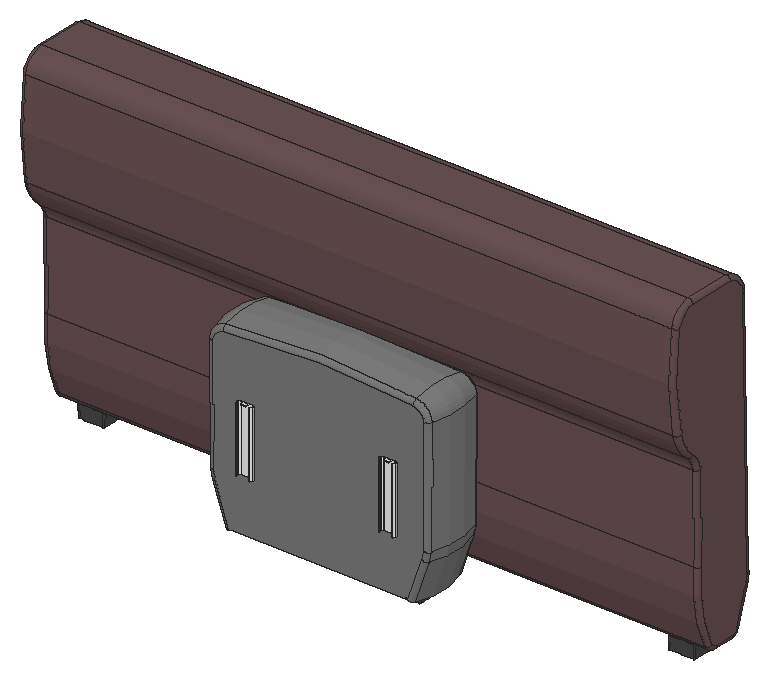
Revit family "Chair-Soft_Seating-Allermuir-Haven_Bench-HABB200W", category Furniture, Revit 2012
Parameters (values of type "HABB200W")
  ecoScorecard_data = "http://thesenatorgroup.ecoscorecard.com/product/HAB100"
  ecoScorecard Product Page = "http://products.ecoscorecard.com/allermuir/HAB100?action=html"
  Width = 1' - 9 13/32"
  Weight = 15.0 lbf
  Upholstered Seat = "No"
  Upholstered Back = "No"
  URL = "http://www.allermuir.net/Default.aspx"
  Subcategory = "Soft Seating"  # constant formula
  Stand = Plastic - Allermuir - Black
  Stacks = no
  Specifications URL = ""
  Seat = Fabric - Allermuir - Silcoates
  Product Page URL = "http://www.allermuir.net/Products.aspx?RangeId=495"
  Product Line = "Haven Bench"  # constant formula
  Pricing URL = ""
  Plugin Data URL = "http://products.ecoscorecard.com/thesenatorgroup/HABB200W"
  Plastic Arms in Black = "No"
  Model = "HABB200W"  # constant formula
  Manufacturer Phone - Toll Free = "(888) 887 5806"  # constant formula
  Manufacturer Phone = "(419) 887 5806"  # constant formula
  Manufacturer Fax = "(419) 887 5805"  # constant formula
  Manufacturer Email = "mailto:contact@allermuir-na.com"
  Manufacturer Address = "1630 Holland Road, Maumee, Ohio 43537 "  # constant formula
  Manufacturer = "Allermuir"  # constant formula
  Side Stand = Metal - Allermuir - Chrome - Polished
  LEED Stats URL = ""
  Height = 1' - 6.35742"
  Fabric Spec Sheets = "http://www.allermuir.net/Services/File.ashx?Type=B&Id=51"
  Description = ""
  Depth = 0' - 5 29/32"
  Color Availability = "See price list for material options"  # constant formula
  CAD Blocks URL = ""
  Brochure URL = ""
  Back Rest = Fabric - Allermuir - Upholstery - Velvet - Red 1
  Assembly Code = "E2020200"
  95 CSI = "12510"  # constant formula
  04 CSI = "12 51 00"  # constant formula
Reference planes (in)
  plane 1 "Center Front/Back": y = 0
  plane 2: z = 0
  plane 3 "Center Left/Right": x = 0
  plane 4: y = 4.62531
  plane 5: z = 30.71875
  plane 6: x = -29.42826
  plane 7: x = 29.42826
Dimensions and locks (in)
  plane 5 to level = 2' - 6 23/32"  (x2)
  equal spacing: plane 6, plane 3 "Center Left/Right", plane 7
  locked: plane 6 to plane 7 at 58.85651
  plane 6 to plane 7 = 4' - 10.85651"
  aligned and locked: plane 3 "Center Left/Right" to nested 1
  aligned and locked: nested 1 to plane 4
  aligned and locked: nested 2 to plane 3 "Center Left/Right"
Nested families (in)
  nested 1: "Back-Rest-HABB200W" at (0, -9.12469, 0), type "HABB200W"
  nested 2: "HABB200W" at (0, -24.98214, 0) x (0, -1, 0) z (0, 0, 1), type "HABB200W"
Definition of nested family "Back-Rest-HABB200W"
  Parameters (values of type "HABB200W")
    URL = ""
    Stand = Plastic - Allermuir - Black
    Model = ""
    Manufacturer = ""
    Description = ""
    Back Rest = Fabric - Allermuir - Upholstery - Velvet - Red 1
    Assembly Code = ""
  Reference planes (in)
    plane 1 "Center Front/Back": y = 0
    plane 2: z = 0
    plane 3 "Center Left/Right": x = 0
    plane 4: z = 30.71697
    plane 5: x = 28.60293
    plane 6: x = -26.91867
    plane 7: y = 13.75
    plane 8: y = -13.25
  Forms (in)
    Sweep 1, solid, material "Fabric - Allermuir - Upholstery - Velvet - Red 1" <- "Back Rest"
      path origin (0, 0, 0) x (0, 1, 0) y (0, 0, 1)
        loop
          arc (11.33016, 30.59137) -> (9.20312, 30.68903) -> (7.07548, 30.60558) r 25.03281
          arc (7.07548, 30.60558) -> (5.89767, 30.09597) -> (5.27204, 28.97547) r 2
          arc (5.27204, 28.97547) -> (4.91656, 24.60313) -> (5.44985, 20.24889) r 21.64753
          arc (5.44985, 20.24889) -> (5.98205, 18.93261) -> (6.90316, 17.85214) r 4.43222
          arc (6.90316, 17.85214) -> (7.3712, 17.27279) -> (7.59481, 16.56236) r 2
          arc (7.59481, 16.56236) -> (7.85389, 12.64845) -> (7.70877, 8.72866) r 38.06164
          arc (7.70877, 8.72866) -> (7.86337, 5.18083) -> (8.93913, 1.79648) r 13.47991
          arc (8.93913, 1.79648) -> (9.26793, 1.40486) -> (9.74735, 1.22698) r 1
          arc (9.74735, 1.22698) -> (10.66413, 1.18145) -> (11.58112, 1.22239) r 9.7438
          arc (11.58112, 1.22239) -> (12.08489, 1.41474) -> (12.41553, 1.84072) r 1
          arc (12.41553, 1.84072) -> (13.01913, 3.50203) -> (13.49291, 5.2049) r 22.92127
          arc (13.49291, 5.2049) -> (13.56512, 5.5946) -> (13.59842, 5.98952) r 4
          arc (13.59842, 5.98952) -> (13.68246, 17.37453) -> (13.14805, 28.7473) r 209.55742
          arc (13.14805, 28.7473) -> (12.57783, 30.00325) -> (11.33016, 30.59137) r 2
      profile origin (0, 9.20312, 30.68903) x (0, -0.003339, -0.999994) y (1, 0, 0)
        loop
          arc (-0.01686, -29.01545) -> (0.10382, -29.30678) -> (0.39515, -29.42745) r 0.412
          line (0.39515, -29.42745) -> (0.5, -29.42745) -> (0.5, 29.42745) -> (0.3933, 29.42745)
          arc (0.3933, 29.42745) -> (0.10328, 29.30732) -> (-0.01686, 29.01729) r 0.41016
          line (-0.01686, 29.01729) -> (-0.01686, -29.01545)
    Extrusion 2, solid, material "Fabric - Allermuir - Upholstery - Velvet - Red 1" <- "Back Rest"
      sketch origin (29.42745, 9.11954, 5.65637) x (0, 0.088309, 0.996093) y (0, -0.996093, 0.088309)
        loop
          arc (22.8412, 5.39397) -> (18.55587, 5.36268) -> (14.36483, 4.46811) r 21.14753
          arc (14.36483, 4.46811) -> (13.24329, 3.89466) -> (12.36063, 2.99601) r 3.93222
          arc (12.36063, 2.99601) -> (11.69093, 2.34929) -> (10.83105, 1.99245) r 2.5
          arc (10.83105, 1.99245) -> (6.90439, 1.38082) -> (2.93564, 1.17657) r 38.56164
          arc (2.93564, 1.17657) -> (-0.4541, 0.72659) -> (-3.60871, -0.59299) r 12.97991
          arc (-3.60871, -0.59299) -> (-3.78924, -0.77404) -> (-3.85666, -1.02067) r 0.5
          arc (-3.85666, -1.02067) -> (-3.82288, -1.89082) -> (-3.70736, -2.75393) r 9.2438
          arc (-3.70736, -2.75393) -> (-3.58932, -2.99634) -> (-3.36256, -3.14221) r 0.5
          arc (-3.36256, -3.14221) -> (-1.69171, -3.58682) -> (0.00844, -3.90136) r 22.42127
          arc (0.00844, -3.90136) -> (0.35367, -3.93419) -> (0.70046, -3.93269) r 3.5
          arc (0.70046, -3.93269) -> (12.02133, -3.0132) -> (23.27556, -1.48023) r 209.05742
          arc (23.27556, -1.48023) -> (24.17607, -0.97105) -> (24.53281, 0) r 1.5
          arc (24.53281, 0) -> (24.44406, 2.08486) -> (24.17845, 4.15464) r 24.53281
          arc (24.17845, 4.15464) -> (23.71973, 5.00079) -> (22.8412, 5.39397) r 1.5
      from -58.8549 to 0
  Cuts and joins
    joined: Sweep 1, Extrusion 2
  Lines and regions (in)
    symbolic lines, style "Sofa"
      curve 1: line (-29.02969, 4.89613, 0) -> (29.021, 4.89613, 0)
      curve 2: line (-29.4281, 5.29454, 0) -> (-29.4281, 13.3168, 0)
      curve 3: line (-29.00271, 13.74219, 0) -> (29.01308, 13.74219, 0)
      curve 4: line (29.42855, 5.30369, 0) -> (29.42855, 13.32671, 0)
      curve 5: arc (-29.4281, 13.3168, 0) -> (-29.30351, 13.6176, 0) -> (-29.00271, 13.74219, 0) r 0.42538
      curve 6: arc (-29.4281, 5.29454, 0) -> (-29.31141, 5.01282, 0) -> (-29.02969, 4.89613, 0) r 0.39841
      curve 7: arc (29.021, 4.89613, 0) -> (29.30918, 5.0155, 0) -> (29.42855, 5.30369, 0) r 0.40756
      curve 8: arc (29.42855, 13.32671, 0) -> (29.30686, 13.6205, 0) -> (29.01308, 13.74219, 0) r 0.41548
  Dimensions and locks (in)
    plane 4 to level = 2' - 6.71698"
    plane 6 to plane 5 = 4' - 7.5216"
    plane 8 to plane 7 = 2' - 3"
  Nested families (in)
    nested 1: "Leg" at (-26.56153, 10.73579, 0), type "HABB200W"
    nested 2: "Leg" at (0, 10.69553, 0), type "HABB200W"
    nested 3: "Leg" at (26.50507, 10.70338, 0), type "HABB200W"
  Definition of nested family "Leg"
    Parameters (values of type "HABB200W")
      URL = ""
      Stand = Plastic - Allermuir - Black
      Stacks = no
      Model = ""
      Manufacturer = ""
      Description = ""
      Assembly Code = "E2020200"
    Reference planes (in)
      plane 1 "Center Front/Back": y = 0
      plane 2: z = 0
      plane 3 "Center Left/Right": x = 0
      plane 4: z = 1.1811
      plane 5: through (1.68179, 60.03512, 48) normal (1, -0.0075, 0)
      plane 6: through (-60.04651, 1.66009, 48) normal (0.0075, 1, 0)
      plane 7: through (-0.75471, 60.03512, 48) normal (1, -0.0075, 0)
      plane 8: through (-60.04651, -0.77642, 48) normal (0.0075, 1, 0)
    Forms (in)
      Blend 1, solid, material "Plastic - Allermuir - Black" <- "Stand"
        base sketch origin (0, 0, 0) x (1, 0, 0) y (0, 1, 0)
          loop
            arc (-1.05046, 1.17679) -> (-1.12804, 1.14534) -> (-1.16066, 1.06825) r 0.10938
            line (-1.16066, 1.06825) -> (-1.17679, -1.07224)
            arc (-1.17679, -1.07224) -> (-1.14534, -1.14982) -> (-1.06824, -1.18244) r 0.10938
            line (-1.06824, -1.18244) -> (1.07224, -1.19857)
            arc (1.07224, -1.19857) -> (1.14982, -1.16712) -> (1.18244, -1.09003) r 0.10938
            line (1.18244, -1.09003) -> (1.19857, 1.05046)
            arc (1.19857, 1.05046) -> (1.16712, 1.12804) -> (1.09003, 1.16066) r 0.10938
            line (1.09003, 1.16066) -> (-1.05046, 1.17679)
        top sketch origin (0, 0, 0) x (1, 0, 0) y (0, 1, 0)
          loop
            arc (1.23744, 1.08874) -> (1.20599, 1.16632) -> (1.12889, 1.19894) r 0.10938
            line (1.12889, 1.19894) -> (-1.08874, 1.21566)
            arc (-1.08874, 1.21566) -> (-1.16632, 1.18421) -> (-1.19894, 1.10711) r 0.10938
            line (-1.19894, 1.10711) -> (-1.21566, -1.11052)
            arc (-1.21566, -1.11052) -> (-1.1842, -1.1881) -> (-1.10711, -1.22072) r 0.10938
            line (-1.10711, -1.22072) -> (1.11052, -1.23744)
            arc (1.11052, -1.23744) -> (1.1881, -1.20599) -> (1.22072, -1.12889) r 0.10938
            line (1.22072, -1.12889) -> (1.23744, 1.08874)
        from 0 to 1.1811
    Dimensions and locks (in)
      locked: plane 7 to plane 5 at 2.43644
      locked: plane 6 to plane 8 at 2.43645
      locked: plane 4 to level at 1.1811
Definition of nested family "HABB200W"
  Parameters (values of type "HABB200W")
    URL = ""
    Stand = Plastic - Allermuir - Black
    Stacks = no
    Seat = Fabric - Allermuir - Silcoates
    Model = ""
    Manufacturer = "Allermuir"  # constant formula
    Side Stand = Metal - Allermuir - Chrome - Polished
    Description = ""
    Color Availability = "See price list for material options"  # constant formula
    Assembly Code = "E2020200"
  Reference planes (in)
    plane 1 "Center Front/Back": y = 0
    plane 2: z = 0
    plane 3 "Center Left/Right": x = 0
    plane 4: y = 10.69473
    plane 5: through (-23.37737, 59.99921, 48) normal (1, -0.0046, 0)
    plane 6: y = -10.69473
    plane 7: through (23.37737, 59.99921, 48) normal (1, 0.0046, 0)
    plane 8: z = 18.35938
  Forms (in)
    Sweep 1, solid, material "Fabric - Allermuir - Silcoates" <- "Seat"
      path origin (0, 0, 0) x (0, 1, 0) y (0, 0, 1)
        loop
          arc (8.87461, 0.96094) -> (9.53566, 2.78289) -> (10.13399, 4.6264) r 56.64354
          arc (10.13399, 4.6264) -> (10.25253, 5.09355) -> (10.32555, 5.56994) r 5
          arc (10.32555, 5.56994) -> (10.61327, 10.83959) -> (10.38059, 16.11195) r 53.52058
          arc (10.38059, 16.11195) -> (9.81768, 17.32528) -> (8.61591, 17.91249) r 2
          arc (8.61591, 17.91249) -> (-0.00186, 18.3998) -> (-8.61907, 17.90269) r 75.68169
          arc (-8.61907, 17.90269) -> (-9.8195, 17.31479) -> (-10.38152, 16.10203) r 2
          arc (-10.38152, 16.10203) -> (-10.61324, 10.83461) -> (-10.32555, 5.56994) r 53.52058
          arc (-10.32555, 5.56994) -> (-10.25253, 5.09355) -> (-10.13399, 4.6264) r 5
          arc (-10.13399, 4.6264) -> (-9.53566, 2.78289) -> (-8.87461, 0.96094) r 56.64354
      profile origin (0, -0.00186, 18.3998) x (0, 0.000569, -1) y (1, 0, 0)
        loop
          arc (0.44154, -23.03232) -> (0.62306, -23.28316) -> (0.91746, -23.37902) r 0.5
          line (0.91746, -23.37902) -> (1.09094, -23.37902) -> (1.09094, -17.72107) -> (0.89741, -17.72107)
          arc (0.89741, -17.72107) -> (0.60126, -17.81821) -> (0.42018, -18.07187) r 0.5
          arc (0.42018, -18.07187) -> (0.04674, -20.55375) -> (0.44154, -23.03232) r 8.19934
    Extrusion 2, solid, material "Fabric - Allermuir - Silcoates" <- "Seat"
      sketch origin (0, 0, 0) x (0, 1, 0) y (0, 0, 1)
        loop
          arc (-8.49423, 16.81891) -> (-9.03986, 16.5517) -> (-9.29532, 16.00046) r 0.90906
          arc (-9.29532, 16.00046) -> (-9.52231, 10.84041) -> (-9.24049, 5.68305) r 52.42964
          arc (-9.24049, 5.68305) -> (-9.1834, 5.3106) -> (-9.09072, 4.94538) r 3.90906
          arc (-9.09072, 4.94538) -> (-8.49619, 3.11489) -> (-7.8386, 1.3061) r 55.5526
          line (-7.8386, 1.3061) -> (7.8386, 1.3061)
          arc (7.8386, 1.3061) -> (8.49619, 3.11489) -> (9.09072, 4.94538) r 55.5526
          arc (9.09072, 4.94538) -> (9.1834, 5.3106) -> (9.24049, 5.68305) r 3.90906
          arc (9.24049, 5.68305) -> (9.52234, 10.84528) -> (9.29441, 16.01017) r 52.42964
          arc (9.29441, 16.01017) -> (9.03855, 16.56167) -> (8.49231, 16.82857) r 0.90906
          arc (8.49231, 16.82857) -> (-0.00124, 17.30886) -> (-8.49423, 16.81891) r 74.59075
      from -23.37902 to -17.72107
    Extrusion 3, solid, material "Metal - Allermuir - Chrome - Polished" <- "Side Stand"
      sketch origin (-15.86434, 0, 0) x (0, 1, 0) y (-1, 0, 0)
        loop
          line (-7.17201, 1.60239) -> (-7.02937, 1.36554) -> (-6.97879, 1.39602) -> (-7.10763, 1.60996)
          arc (-7.10763, 1.60996) -> (-7.11413, 1.64422) -> (-7.09676, 1.67446) r 0.05023
          line (-7.09676, 1.67446) -> (-6.9623, 1.78651)
          arc (-6.9623, 1.78651) -> (-6.94825, 1.79458) -> (-6.93229, 1.79738) r 0.04688
          line (-6.93229, 1.79738) -> (-5.90591, 1.79738)
          arc (-5.90591, 1.79738) -> (-5.88995, 1.79458) -> (-5.8759, 1.78651) r 0.04688
          line (-5.8759, 1.78651) -> (-5.74182, 1.67477)
          arc (-5.74182, 1.67477) -> (-5.72425, 1.6442) -> (-5.73082, 1.60957) r 0.05078
          line (-5.73082, 1.60957) -> (-5.85941, 1.39602) -> (-5.80883, 1.36554) -> (-5.66593, 1.60283)
          arc (-5.66593, 1.60283) -> (-5.65589, 1.65572) -> (-5.68271, 1.7024) r 0.07754
          line (-5.68271, 1.7024) -> (-5.84837, 1.84044)
          arc (-5.84837, 1.84044) -> (-5.86945, 1.85253) -> (-5.89338, 1.85673) r 0.07031
          line (-5.89338, 1.85673) -> (-6.94412, 1.85673)
          arc (-6.94412, 1.85673) -> (-6.96871, 1.85242) -> (-6.99037, 1.83999) r 0.07223
          line (-6.99037, 1.83999) -> (-7.1551, 1.70271)
          arc (-7.1551, 1.70271) -> (-7.18212, 1.65568) -> (-7.17201, 1.60239) r 0.07813
      from 6.15113 to 12.05615
    Extrusion 4, solid, material "Metal - Allermuir - Chrome - Polished" <- "Side Stand"
      sketch origin (-15.86434, 0, 0) x (0, 1, 0) y (-1, 0, 0)
        loop
          line (-6.18383, 1.44334) -> (-6.18383, 1.79738) -> (-6.65516, 1.79738) -> (-6.65516, 1.44334) -> (-6.18383, 1.44334)
      from 11.99759 to 12.05664
    Extrusion 5, solid, material "Metal - Allermuir - Chrome - Polished" <- "Side Stand"
      sketch origin (-15.86434, 0, 0) x (0, -1, 0) y (1, 0, 0)
        loop
          arc (-7.17201, -1.60239) -> (-7.18212, -1.65568) -> (-7.1551, -1.70271) r 0.07813
          line (-7.1551, -1.70271) -> (-6.99037, -1.83999)
          arc (-6.99037, -1.83999) -> (-6.96871, -1.85242) -> (-6.94412, -1.85673) r 0.07223
          line (-6.94412, -1.85673) -> (-5.89338, -1.85673)
          arc (-5.89338, -1.85673) -> (-5.86945, -1.85253) -> (-5.84837, -1.84044) r 0.07031
          line (-5.84837, -1.84044) -> (-5.68271, -1.7024)
          arc (-5.68271, -1.7024) -> (-5.65589, -1.65572) -> (-5.66593, -1.60283) r 0.07754
          line (-5.66593, -1.60283) -> (-5.80883, -1.36554) -> (-5.85941, -1.39602) -> (-5.73082, -1.60957)
          arc (-5.73082, -1.60957) -> (-5.72425, -1.6442) -> (-5.74182, -1.67477) r 0.05078
          line (-5.74182, -1.67477) -> (-5.8759, -1.78651)
          arc (-5.8759, -1.78651) -> (-5.88995, -1.79458) -> (-5.90591, -1.79738) r 0.04688
          line (-5.90591, -1.79738) -> (-6.93229, -1.79738)
          arc (-6.93229, -1.79738) -> (-6.94825, -1.79458) -> (-6.9623, -1.78651) r 0.04688
          line (-6.9623, -1.78651) -> (-7.09676, -1.67446)
          arc (-7.09676, -1.67446) -> (-7.11413, -1.64422) -> (-7.10763, -1.60996) r 0.05023
          line (-7.10763, -1.60996) -> (-6.97879, -1.39602) -> (-7.02937, -1.36554) -> (-7.17201, -1.60239)
      from 6.15113 to 12.05615
    Extrusion 6, solid, material "Metal - Allermuir - Chrome - Polished" <- "Side Stand"
      sketch origin (-15.86434, 0, 0) x (0, -1, 0) y (1, 0, 0)
        loop
          line (-6.18383, -1.44334) -> (-6.65516, -1.44334) -> (-6.65516, -1.79738) -> (-6.18383, -1.79738) -> (-6.18383, -1.44334)
      from 11.99759 to 12.05664
  Cuts and joins
    joined: Sweep 1, Extrusion 2
  Lines and regions (in)
    symbolic lines, style "Sofa"
      curve 1: line (-17.7204, 9.71479, 0) -> (-17.7204, -9.74958, 0)
      curve 2: arc (-18.00624, -10.14706, 0) -> (-17.79928, -9.99437, 0) -> (-17.7204, -9.74958, 0) r 0.41929
      curve 3: arc (-17.7204, 9.71479, 0) -> (-17.81747, 10.01085, 0) -> (-18.07101, 10.19195, 0) r 0.5
      curve 4: line (-17.30768, -6.18383, 0) -> (-17.66171, -6.18383, 0)
      curve 5: line (-17.30768, -6.65516, 0) -> (-17.30768, -6.18383, 0)
      curve 6: line (-17.66171, -6.65516, 0) -> (-17.30768, -6.65516, 0)
      curve 7: line (-17.46673, -7.17201, 0) -> (-17.22987, -7.02937, 0)
      curve 8: line (-17.26035, -6.97879, 0) -> (-17.47429, -7.10763, 0)
      curve 9: line (-17.22987, -7.02937, 0) -> (-17.26035, -6.97879, 0)
      curve 10: line (-17.70433, -6.99037, 0) -> (-17.56705, -7.1551, 0)
      curve 11: line (-17.53879, -7.09676, 0) -> (-17.65085, -6.9623, 0)
      curve 12: arc (-17.47429, -7.10763, 0) -> (-17.50856, -7.11413, 0) -> (-17.53879, -7.09676, 0) r 0.05023
      curve 13: arc (-17.56705, -7.1551, 0) -> (-17.52002, -7.18212, 0) -> (-17.46673, -7.17201, 0) r 0.07813
      curve 14: arc (-17.7204, -6.95394, 0) -> (-17.71492, -6.97328, 0) -> (-17.70433, -6.99037, 0) r 0.07223
      curve 15: arc (-17.65085, -6.9623, 0) -> (-17.65891, -6.94825, 0) -> (-17.66171, -6.93229, 0) r 0.04688
      curve 16: line (-17.66171, -6.93229, 0) -> (-17.66171, -5.90591, 0)
      curve 17: arc (-17.66171, -5.90591, 0) -> (-17.65891, -5.88995, 0) -> (-17.65085, -5.8759, 0) r 0.04688
      curve 18: line (-17.65085, -5.8759, 0) -> (-17.53911, -5.74182, 0)
      curve 19: arc (-17.53911, -5.74182, 0) -> (-17.50854, -5.72425, 0) -> (-17.4739, -5.73082, 0) r 0.05078
      curve 20: line (-17.4739, -5.73082, 0) -> (-17.26035, -5.85941, 0)
      curve 21: line (-17.26035, -5.85941, 0) -> (-17.22987, -5.80883, 0)
      curve 22: line (-17.22987, -5.80883, 0) -> (-17.46717, -5.66593, 0)
      curve 23: arc (-17.46717, -5.66593, 0) -> (-17.52006, -5.65589, 0) -> (-17.56674, -5.68271, 0) r 0.07754
      curve 24: line (-17.56674, -5.68271, 0) -> (-17.70477, -5.84837, 0)
      curve 25: arc (-17.70477, -5.84837, 0) -> (-17.71506, -5.86494, 0) -> (-17.7204, -5.8837, 0) r 0.07031
      curve 26: line (-17.30768, 6.65516, 0) -> (-17.66171, 6.65516, 0)
      curve 27: line (-17.30768, 6.18383, 0) -> (-17.30768, 6.65516, 0)
      curve 28: line (-17.66171, 6.18383, 0) -> (-17.30768, 6.18383, 0)
      curve 29: line (-17.46673, 5.66698, 0) -> (-17.22987, 5.80962, 0)
      curve 30: line (-17.26035, 5.8602, 0) -> (-17.47429, 5.73136, 0)
      curve 31: line (-17.22987, 5.80962, 0) -> (-17.26035, 5.8602, 0)
      curve 32: line (-17.70433, 5.84862, 0) -> (-17.56705, 5.68389, 0)
      curve 33: line (-17.53879, 5.74223, 0) -> (-17.65085, 5.87668, 0)
      curve 34: arc (-17.47429, 5.73136, 0) -> (-17.50856, 5.72486, 0) -> (-17.53879, 5.74223, 0) r 0.05023
      curve 35: arc (-17.56705, 5.68389, 0) -> (-17.52002, 5.65687, 0) -> (-17.46673, 5.66698, 0) r 0.07813
      curve 36: arc (-17.7204, 5.88505, 0) -> (-17.71492, 5.86571, 0) -> (-17.70433, 5.84862, 0) r 0.07223
      curve 37: arc (-17.65085, 5.87668, 0) -> (-17.65891, 5.89074, 0) -> (-17.66171, 5.90669, 0) r 0.04688
      curve 38: line (-17.66171, 5.90669, 0) -> (-17.66171, 6.93308, 0)
      curve 39: arc (-17.66171, 6.93308, 0) -> (-17.65891, 6.94904, 0) -> (-17.65085, 6.96309, 0) r 0.04688
      curve 40: line (-17.65085, 6.96309, 0) -> (-17.53911, 7.09717, 0)
      curve 41: arc (-17.53911, 7.09717, 0) -> (-17.50854, 7.11474, 0) -> (-17.4739, 7.10816, 0) r 0.05078
      curve 42: line (-17.4739, 7.10816, 0) -> (-17.26035, 6.97958, 0)
      curve 43: line (-17.26035, 6.97958, 0) -> (-17.22987, 7.03016, 0)
      curve 44: line (-17.22987, 7.03016, 0) -> (-17.46717, 7.17306, 0)
      curve 45: arc (-17.46717, 7.17306, 0) -> (-17.52006, 7.1831, 0) -> (-17.56674, 7.15627, 0) r 0.07754
      curve 46: line (-17.56674, 7.15627, 0) -> (-17.70477, 6.99062, 0)
      curve 47: arc (-17.70477, 6.99062, 0) -> (-17.71506, 6.97405, 0) -> (-17.7204, 6.95529, 0) r 0.07031
      curve 48: arc (-20.69016, -10.57991, 0) -> (-19.33041, -10.47379, 0) -> (-18.00624, -10.14706, 0) r 8.32422
      curve 49: arc (-20.73366, 10.57032, 0) -> (-19.38695, 10.48938, 0) -> (-18.07101, 10.19195, 0) r 8.32406
  Dimensions and locks (in)
    plane 4 to plane 6 = 1' - 9.38946"
    plane 8 to level = 1' - 6 23/64"
    aligned and locked: Extrusion 2 to Sweep 1
    aligned and locked: Sweep 1 to Extrusion 2
  Nested families (in)
    nested 1: "Leg" at (-20.5976, -6.6167, 0.125) x (-1, 0, 0) z (0, 0, 1), type "PSM102"
    nested 2: "Leg" at (-20.5976, 6.6167, 0.125) x (-1, 0, 0) z (0, 0, 1), type "PSM102"
  Definition of nested family "Leg"
    Parameters (values of type "PSM102")
      URL = ""
      Stand = Plastic - Allermuir - Black
      Stacks = no
      Model = ""
      Manufacturer = ""
      Description = ""
      Assembly Code = "E2020200"
    Reference planes (in)
      plane 1 "Center Front/Back": y = 0
      plane 2: z = 0
      plane 3 "Center Left/Right": x = 0
      plane 4: z = 1.1811
      plane 5: through (1.68179, 60.03512, 48) normal (1, -0.0075, 0)
      plane 6: through (-60.04651, 1.66009, 48) normal (0.0075, 1, 0)
      plane 7: through (-0.75471, 60.03512, 48) normal (1, -0.0075, 0)
      plane 8: through (-60.04651, -0.77642, 48) normal (0.0075, 1, 0)
    Forms (in)
      Blend 1, solid, material "Plastic - Allermuir - Black" <- "Stand"
        base sketch origin (0, 0, 0) x (1, 0, 0) y (0, 1, 0)
          loop
            arc (-1.05046, 1.17679) -> (-1.12804, 1.14534) -> (-1.16066, 1.06825) r 0.10938
            line (-1.16066, 1.06825) -> (-1.17679, -1.07224)
            arc (-1.17679, -1.07224) -> (-1.14534, -1.14982) -> (-1.06824, -1.18244) r 0.10938
            line (-1.06824, -1.18244) -> (1.07224, -1.19857)
            arc (1.07224, -1.19857) -> (1.14982, -1.16712) -> (1.18244, -1.09003) r 0.10938
            line (1.18244, -1.09003) -> (1.19857, 1.05046)
            arc (1.19857, 1.05046) -> (1.16712, 1.12804) -> (1.09003, 1.16066) r 0.10938
            line (1.09003, 1.16066) -> (-1.05046, 1.17679)
        top sketch origin (0, 0, 0) x (1, 0, 0) y (0, 1, 0)
          loop
            arc (1.23744, 1.08874) -> (1.20599, 1.16632) -> (1.12889, 1.19894) r 0.10938
            line (1.12889, 1.19894) -> (-1.08874, 1.21566)
            arc (-1.08874, 1.21566) -> (-1.16632, 1.18421) -> (-1.19894, 1.10711) r 0.10938
            line (-1.19894, 1.10711) -> (-1.21566, -1.11052)
            arc (-1.21566, -1.11052) -> (-1.1842, -1.1881) -> (-1.10711, -1.22072) r 0.10938
            line (-1.10711, -1.22072) -> (1.11052, -1.23744)
            arc (1.11052, -1.23744) -> (1.1881, -1.20599) -> (1.22072, -1.12889) r 0.10938
            line (1.22072, -1.12889) -> (1.23744, 1.08874)
        from 0 to 1.1811
    Dimensions and locks (in)
      locked: plane 7 to plane 5 at 2.43644
      locked: plane 6 to plane 8 at 2.43645
      locked: plane 4 to level at 1.1811
